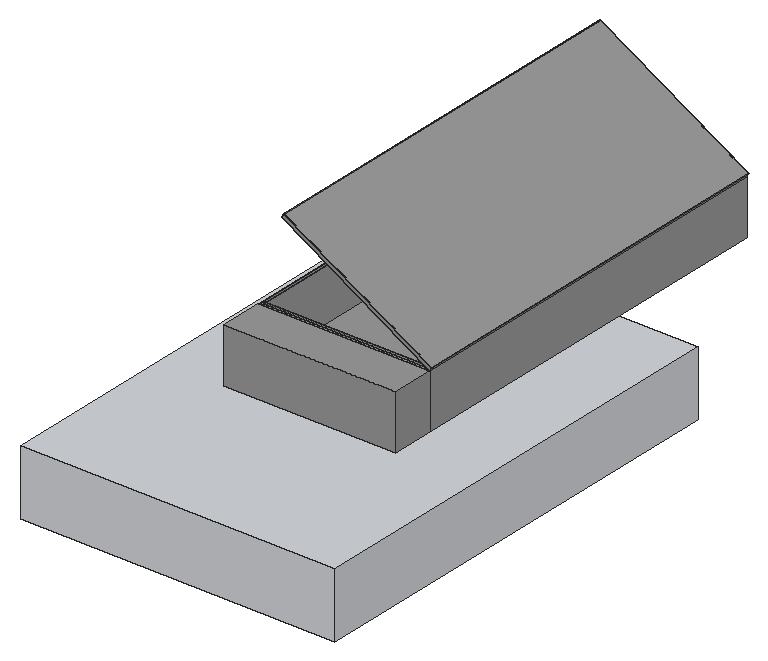
Revit family "Hager-Univers-IP55-D275-H2050-Cl.II-Steel_encl-CH-it", category Equipement électrique, Revit 2020
Family settings
  Hôte = Face
  Configuration du panneau = Deux colonnes, circuits au sein
  Cote de connecteur circulaire = Utiliser le diamètre
  Type d'élément = Tableau de raccordement
  Couper avec des vides une fois chargée = Non
  Partagée = Non
  Point de calcul de pièce = Non
Parameters (values of type "montaggio a pavimento IP55 L800 A2050 P275  - FR23S2")
  Width Control [instance] = if([EF000008 - Larghezza] > Min Width, [EF000008 - Larghezza], Min Width)  # 800 mm
  Commentaires du type = [HG000003 - Gamma]  # "Univers"
  Thickness Door [instance] = if([EF009171 - spessore materiale porta/coperchio] > 3 mm, 3 mm, [EF009171 - spessore materiale porta/coperchio])  # 1.5 mm
  Seal Frame Offset [instance] = 17 mm  # constant formula
  Plinth Visibility [instance] = [HG000027 - Altezza dello zoccolo] > 0 mm  # yes
  Model = ""
  Min Width [instance] = 100 mm  # constant formula
  Min Height [instance] = 100 mm  # constant formula
  Min Depth [instance] = (2 * [EF009170 - spessore materiale scatola]) + 1 mm  # 4 mm
  Internal Frame Depth [instance] = (Door System Depth * 0.5)  # 9 mm
  Height Control [instance] = if([EF000040 - Altezza] > Min Height, [EF000040 - Altezza], Min Height)  # 2050 mm
  HG000027 - Altezza dello zoccolo = 200 mm
  HG000026 - A pavimento = yes
  HG000024 - Altezza della sezione inferiore = 800 mm
  HG000023 - Custodia a doppia sezione = no
  HG000016 - Visibilità delle porte nella vista 3D [instance] = yes
  HG000015 - Visibilità attraverso la porta [instance] = no
  HG000014 - Porta destra [instance] = yes
  HG000013 - Porta sinistra [instance] = not([HG000014 - Porta destra])  # no
  HG000012 - Angolo di apertura della porta [instance] = 30.00°
  HG000010 - Porte asimmetriche = no
  HG000009 - Porta doppia a battente = no
  HG000006 - Ad incasso = no
  HG000004 - Codice produttore = "FR23S2"
  HG000003 - Gamma = "Univers"
  HG000002 - Con porta = yes
  Frame Offset Bottom [instance] = 10 mm  # constant formula
  Frame Offset [instance] = 15 mm  # constant formula
  EF015940 - Coprire con rilascio di sovrapressione = no
  EF011959 - tipo di protezione (NEMA) = ""
  EF009554 - numero delle aperture per la piastra della flangia = 6
  Fabricant = "Hager"  # constant formula
  EF009212 - esecuzione coperchio = "EV000116 - chiuso"
  EF009171 - spessore materiale porta/coperchio = 1.5 mm
  EF009170 - spessore materiale scatola = 1.5 mm
  EF008873 - corrente nominale (In) = 800 A
  EF007800 - adatto per parafulmine = no
  EF006306 - con serratura = no
  EF006244 - coperchio/porta trasparente = no
  EF005474 - grado di protezione (IP) = "EV006420 - IP55"
  EF004464 - tipo di porta = "EV002646 - singolo"
  EF004427 - numero di moduli = 432
  EF004293 - resistenza agli urti = "EV008784 - IK10"
  EF003532 - adatto per uso esterno = no
  EF002950 - Numero moduli DIN = 24
  EF001613 - Integrità del circuito = "EV000494 - senza"
  EF001596 - Attacco Lampada = "EV000179 - acciaio"
  EF001131 - profondità interna = 275 mm
  EF001088 - possibilità di applicazione = yes
  EF000437 - numero di ingressi per conduttori = 6
  EF000339 - tipo di copertura = "EV004216 - porta"
  EF000266 - numero di file = 12
  EF000218 - profondità di incasso = 0 mm
  EF000118 - con piastra di montaggio = no
  EF000116 - numero RAL = "7035"
  EF000049 - profondità = 275 mm
  EF000040 - Altezza = 2050 mm
  EF000008 - Larghezza = 800 mm
  EF000007 - colore = "EV000270 - grigio"
  EF000003 - Tipo di montaggio = "EV012274 - montaggio a pavimento"
  Door System Leaf Tolerance [instance] = 1.5 mm  # constant formula
  Door System Depth [instance] = 18 mm  # constant formula
  Door Height [instance] = Height Control - [HG000027 - Altezza dello zoccolo]  # 1850 mm
  Depth Control [instance] = if([EF000049 - profondità] > Min Depth, [EF000049 - profondità], Min Depth)  # 275 mm
  Default Elevation = 0 mm
  Connector Offset [instance] = Height Control / 2  # 1025 mm
  Bottom Top Plate Trim [instance] = 1.5 mm  # constant formula
  Plinth height Ctrl [instance] = if([HG000027 - Altezza dello zoccolo] > 0 mm, [HG000027 - Altezza dello zoccolo], 12 mm)  # 200 mm
Types (11, lengths in mm): name | Width Control | HG000010 - Porte asimmetriche | HG000009 - Porta doppia a battente | HG000004 - Codice produttore | EF009554 - numero delle aperture per la piastra della flangia | EF006244 - coperchio/porta trasparente | EF004464 - tipo di porta | EF004427 - numero di moduli | EF000437 - numero di ingressi per conduttori | EF000008 - Larghezza
  montaggio a pavimento IP55 L1050 A2050 P275  - FR24L2 | 1050 | yes | yes | "FR24L2" | 8 | yes | "EV003602 - doppio" | 576 | 8 | 1050
  montaggio a pavimento IP55 L1050 A2050 P275  - FR24S2 | 1050 | yes | yes | "FR24S2" | 8 | no | "EV003602 - doppio" | 576 | 8 | 1050
  montaggio a pavimento IP55 L1300 A2050 P275  - FR25L2 | 1300 | yes | yes | "FR25L2" | 10 | yes | "EV003602 - doppio" | 720 | 10 | 1300
  montaggio a pavimento IP55 L1300 A2050 P275  - FR25S2 | 1300 | yes | yes | "FR25S2" | 10 | no | "EV003602 - doppio" | 720 | 10 | 1300
  montaggio a pavimento IP55 L1550 A2050 P275  - FR26L2 | 1550 | yes | yes | "FR26L2" | 12 | yes | "EV003602 - doppio" | 864 | 12 | 1550
  montaggio a pavimento IP55 L1550 A2050 P275  - FR26S2 | 1550 | yes | yes | "FR26S2" | 12 | no | "EV003602 - doppio" | 864 | 12 | 1550
  montaggio a pavimento IP55 L300 A2050 P275  - FR21S2 | 300 | no | no | "FR21S2" | 2 | no | "EV002646 - singolo" | 144 | 2 | 300
  montaggio a pavimento IP55 L550 A2050 P275  - FR22L2 | 550 | no | no | "FR22L2" | 4 | yes | "EV002646 - singolo" | 288 | 4 | 550
  montaggio a pavimento IP55 L550 A2050 P275  - FR22S2 | 550 | no | no | "FR22S2" | 4 | no | "EV002646 - singolo" | 288 | 4 | 550
  montaggio a pavimento IP55 L800 A2050 P275  - FR23L2 | 800 | no | no | "FR23L2" | 6 | yes | "EV002646 - singolo" | 432 | 6 | 800
  montaggio a pavimento IP55 L800 A2050 P275  - FR23S2 | 800 | no | no | "FR23S2" | 6 | no | "EV002646 - singolo" | 432 | 6 | 800
Reference planes
  plane 1 "Center (Front/Back)": y = 0
  plane 2: z = 0
  plane 3 "Center (Left/Right)": x = 0
  plane 4: z = 275
  plane 5: y = 201.5
  plane 6: y = 1125
  plane 7: y = 200
  plane 8: y = 2050
  plane 9: z = 0
  plane 10: x = -385
  plane 11: x = 385
  plane 12: x = 383.5
  plane 13: x = -383.5
  plane 14: y = 2048.5
  plane 15: x = -383
  plane 16: x = -400
  plane 17: x = 383
  plane 18: x = 400
  plane 19: x = 398.5
  plane 20: x = -398.5
  plane 21: y = 211.5
  plane 22: y = 2050
  plane 23: y = 2033.5
  plane 24: z = 257
  plane 25: z = 1.5
  plane 26: z = 255.5
  plane 27: z = 273.5
Forms (mm)
  Extrusion 1, solid
    sketch origin (0, 0, 0) x (1, 0, 0) y (0, 1, 0)
      loop
        line (-702.964, 1305) -> (-702.964, -811.445) -> (766.763, -811.445) -> (766.763, 1305) -> (-702.964, 1305)
    from 0 to -304.8
  Extrusion 2, solid, material "Hager_Steel_RAL7035_Light_Grey", visible <- "Plinth Visibility", detail levels medium+fine
    sketch origin (0, 0, 0) x (1, 0, 0) y (0, 1, 0)
      loop
        line (-400, 0) -> (400, 0) -> (400, 200) -> (-400, 200) -> (-400, 0)
    from 0 to 257
  Extrusion 3, solid, material "Hager_Steel_RAL7035_Light_Grey", detail levels medium+fine
    sketch origin (0, 0, 0) x (1, 0, 0) y (0, 1, 0)
      loop
        line (-400, 200) -> (400, 200) -> (400, 2050) -> (-400, 2050) -> (-400, 200)
    from 0 to 257
  Extrusion 4, void
    sketch origin (0, 0, 0) x (1, 0, 0) y (0, 1, 0)
      loop
        line (-398.5, 201.5) -> (398.5, 201.5) -> (398.5, 2048.5) -> (-398.5, 2048.5) -> (-398.5, 201.5)
    from 1.5 to 255.5
  Extrusion 5, void
    sketch origin (-381.607, -4572, 257) x (0, -1, 0) y (-1, 0, 0)
      loop
        line (-4783.5, 1.893) -> (-6605.5, 1.893) -> (-6605.5, -765.107) -> (-4783.5, -765.107) -> (-4783.5, 1.893)
    from 0 to 1.5 <- "EF009170 - spessore materiale scatola"
  Extrusion 6, solid, material "Hager_Steel_RAL7035_Light_Grey", detail levels fine
    sketch origin (0, 0, 257) x (1, 0, 0) y (0, 1, 0)
      loop
        line (-383.5, 2033.5) -> (-383.5, 211.5) -> (383.5, 211.5) -> (383.5, 2033.5) -> (-383.5, 2033.5)
      loop
        line (-385, 210) -> (385, 210) -> (385, 2035) -> (-385, 2035) -> (-385, 210)
    from 0 to 9 <- "Internal Frame Depth"
  Extrusion 7, solid, material "Hager_Steel_RAL7035_Light_Grey", detail levels coarse
    sketch origin (0, 0, 0) x (1, 0, 0) y (0, 1, 0)
      loop
        line (-400, 0) -> (400, 0) -> (400, 2050) -> (-400, 2050) -> (-400, 0)
    from 0 to 275
  Sweep 8, void
    path in 3D
      loop
        line (-400, 200, 0) -> (400, 200, 0) -> (400, 200, 257) -> (-400, 200, 257) -> (-400, 200, 0)
    profile origin (-400, 200, 128.5) x (-1, 0, 0) y (0, -1, 0)
      loop
        line (0, 0) -> (0, 1.5) -> (-1.5, 1.5)
        arc (-1.5, 1.5) -> (-1.061, 0.439) -> (0, 0) r 1.5
Cuts and joins
  Extrusion 4, Extrusion 5 cuts Extrusion 3
  Sweep 8 cuts Extrusion 2
Lines and regions (mm)
  Masking region 1
    outline origin (0, 0, 0) x (1, 0, 0) y (0, 0, 1)
      loop
        line (-400, 275) -> (-400, 0) -> (400, 0) -> (400, 275) -> (-400, 275)
  Masking region 2, detail levels medium+fine
    outline origin (0, 140, 0) x (0, 1, 0) y (0, 0, 1)
      loop
        line (60, 0) -> (1910, 0) -> (1910, 257) -> (60, 257) -> (60, 0)
  Masking region 3, not visible, detail levels medium+fine
    outline origin (0, 297.922, 0) x (0, 1, 0) y (0, 0, 1)
      loop
        line (838.578, 0) -> (878.578, 0) -> (878.578, 263.5)
        arc (878.578, 263.5) -> (875.649, 270.571) -> (868.578, 273.5) r 10
        line (868.578, 273.5) -> (838.578, 273.5) -> (838.578, 0)
  Masking region 4, detail levels coarse
    outline origin (0, 0, 180) x (0, 1, 0) y (0, 0, 1)
      loop
        line (0, -180) -> (2050, -180) -> (2050, 95) -> (0, 95) -> (0, -180)
  Masking region 5, visible <- "Plinth Visibility", detail levels medium+fine
    outline origin (0, 52.24, 12.345) x (0, 0, -1) y (0, 1, 0)
      loop
        line (10.845, 147.76) -> (-243.155, 147.76)
        arc (-243.155, 147.76) -> (-243.594, 146.699) -> (-244.655, 146.26) r 1.5
        line (-244.655, 146.26) -> (-244.655, -52.24) -> (12.345, -52.24) -> (12.345, 146.26)
        arc (12.345, 146.26) -> (11.285, 146.699) -> (10.845, 147.76) r 1.5
  Masking region 6, detail levels medium+fine
    outline origin (-381.607, -4572, 257) x (-1, 0, 0) y (0, -1, 0)
      loop
        line (18.393, -6622) -> (18.393, -4772) -> (-781.607, -4772) -> (-781.607, -6622) -> (18.393, -6622)
  Masking region 7, visible <- "Plinth Visibility", detail levels medium+fine
    outline origin (-381.607, -4727, 257) x (-1, 0, 0) y (0, -1, 0)
      loop
        arc (16.893, -4927) -> (17.332, -4925.939) -> (18.393, -4925.5) r 1.5
        line (18.393, -4925.5) -> (18.393, -4727) -> (-781.607, -4727) -> (-781.607, -4925.5)
        arc (-781.607, -4925.5) -> (-780.546, -4925.939) -> (-780.107, -4927) r 1.5
        line (-780.107, -4927) -> (16.893, -4927)
  Masking region 8, detail levels coarse
    outline origin (-442.548, -4669.526, 257) x (-1, 0, 0) y (0, -1, 0)
      loop
        line (-42.548, -6719.526) -> (-42.548, -4669.526) -> (-842.548, -4669.526) -> (-842.548, -6719.526) -> (-42.548, -6719.526)
  sketch lines
    curve 1: line (-400, 200, 257) -> (-400, 200, 0)
    curve 2: line (400, 200, 257) -> (-400, 200, 257)
    curve 3: line (400, 200, 257) -> (400, 200, 0)
    curve 4: line (-400, 200, 0) -> (400, 200, 0)
Dimensions and locks
  "Depth Control": plane 4 to Extrusion 1
  "HG000027 - Altezza dello zoccolo": plane 1 "Center (Front/Back)" to plane 7
  "EF009170 - spessore materiale scatola": plane 5 to plane 7
  locked: connector elem to plane 3 "Center (Left/Right)"
  equal spacing: plane 8, plane 6, plane 7
  locked: connector elem to plane 6
  "EF009170 - spessore materiale scatola": plane 8 to plane 14
  "EF009170 - spessore materiale scatola": plane 10 to plane 13
  "EF009170 - spessore materiale scatola": plane 12 to plane 11
  "Frame Offset": plane 20 to plane 13
  "Frame Offset": plane 12 to plane 19
  "EF009170 - spessore materiale scatola": plane 16 to plane 20
  "EF009170 - spessore materiale scatola": plane 19 to plane 18
  "Seal Frame Offset": plane 16 to plane 15
  "Seal Frame Offset": plane 17 to plane 18
  "Frame Offset Bottom": plane 21 to plane 5
  "Frame Offset": plane 14 to plane 23
  equal spacing: plane 16, plane 3 "Center (Left/Right)", plane 18
  "Width Control": plane 16 to plane 18
  "EF009170 - spessore materiale scatola": plane 4 to plane 27
  "EF009170 - spessore materiale scatola": plane 24 to plane 26
  "EF009170 - spessore materiale scatola": plane 25 to level
  "Door System Depth": plane 4 to plane 24
  "Height Control": plane 1 "Center (Front/Back)" to Extrusion 7 sketch curve
  "Height Control": Masking region 4 sketch curve to plane 1 "Center (Front/Back)"
  "Height Control": plane 1 "Center (Front/Back)" to plane 22
  "Bottom Top Plate Trim": profile plane to Sweep 8 sketch curve
  "Bottom Top Plate Trim": Sweep 8 sketch curve to profile plane
  "Plinth height Ctrl": plane 1 "Center (Front/Back)" to Extrusion 2 sketch curve
  "Plinth height Ctrl": Masking region 5 sketch curve to plane 1 "Center (Front/Back)"
  "Plinth height Ctrl": plane 1 "Center (Front/Back)" to Masking region 7 sketch curve
  "Thickness Door": Extrusion 6 sketch curve to Extrusion 6 sketch curve  (x3)
  "Thickness Door": cut or joined group of Extrusion 3, Extrusion 4, Extrusion 5 to Extrusion 6 sketch curve
  radius of Masking region 3 sketch curve = 10 mm
  "Bottom Top Plate Trim": radius of Masking region 5 sketch curve  (x2)
  "Bottom Top Plate Trim": radius of Sweep 8 sketch curve
  "Bottom Top Plate Trim": radius of Masking region 7 sketch curve  (x2)
  aligned and locked: plane 2 to Extrusion 1
  aligned and locked: level to Extrusion 1
  aligned and locked: level to Masking region 1 sketch curve
  aligned and locked: Masking region 1 sketch curve to plane 18
  aligned and locked: Masking region 1 sketch curve to plane 16
  aligned and locked: plane 7 to Masking region 2 sketch curve
  aligned and locked: level to Masking region 3 sketch curve
  aligned and locked: Masking region 3 sketch curve to plane 27
  aligned and locked: level to Masking region 2 sketch curve
  aligned and locked: plane 1 "Center (Front/Back)" to Extrusion 2 sketch curve
  aligned and locked: Extrusion 3 sketch curve to plane 7
  aligned and locked: plane 16 to Extrusion 3 sketch curve
  aligned and locked: plane 18 to Extrusion 3 sketch curve
  aligned and locked: plane 20 to Extrusion 4 sketch curve
  aligned and locked: plane 19 to Extrusion 4 sketch curve
  aligned and locked: Extrusion 4 sketch curve to plane 5
  aligned and locked: Extrusion 4 to plane 25
  aligned and locked: plane 26 to Extrusion 4
  aligned and locked: plane 24 to Extrusion 3
  aligned and locked: Extrusion 5 sketch curve to plane 21
  aligned and locked: Extrusion 5 sketch curve to plane 13
  aligned and locked: Extrusion 5 sketch curve to plane 12
  aligned and locked: plane 18 to Extrusion 7 sketch curve
  aligned and locked: plane 1 "Center (Front/Back)" to Extrusion 7 sketch curve
  aligned and locked: plane 16 to Extrusion 7 sketch curve
  aligned and locked: plane 4 to Extrusion 7
  aligned and locked: Extrusion 7 to level
  aligned and locked: level to Masking region 4 sketch curve
  aligned and locked: Masking region 4 sketch curve to plane 1 "Center (Front/Back)"
  aligned and locked: Masking region 4 sketch curve to plane 4
  aligned and locked: nested 1 to level
  aligned and locked: nested 1 to plane 16
  aligned and locked: plane 8 to Extrusion 3 sketch curve
  aligned and locked: plane 23 to Extrusion 5 sketch curve
  aligned and locked: plane 14 to Extrusion 4 sketch curve
  aligned and locked: Masking region 2 sketch curve to plane 8
  aligned and locked: level to Masking region 5 sketch curve
  aligned and locked: plane 16 to Extrusion 2 sketch curve
  aligned and locked: plane 18 to Extrusion 2 sketch curve
  aligned and locked: Masking region 5 sketch curve to plane 24
  aligned and locked: Masking region 2 sketch curve to plane 24
  aligned and locked: plane 24 to Extrusion 2
  aligned and locked: profile plane to Sweep 8 sketch curve  (x2)
  aligned and locked: Masking region 6 sketch curve to plane 18
  aligned and locked: Masking region 6 sketch curve to plane 22
  aligned and locked: Masking region 6 sketch curve to plane 16
  aligned and locked: plane 8 to plane 22
  aligned and locked: Masking region 6 sketch curve to plane 7
  aligned and locked: Masking region 7 sketch curve to plane 16
  aligned and locked: Masking region 7 sketch curve to plane 1 "Center (Front/Back)"
  aligned and locked: Masking region 7 sketch curve to plane 18
  aligned and locked: Masking region 8 sketch curve to plane 1 "Center (Front/Back)"
  aligned and locked: Masking region 8 sketch curve to plane 18
  aligned and locked: Masking region 8 sketch curve to plane 22
  aligned and locked: Masking region 8 sketch curve to plane 16
  aligned and locked: nested 2 to plane 7
  aligned and locked: plane 3 "Center (Left/Right)" to nested 2
  aligned and locked: nested 2 to plane 24
  aligned and locked: Extrusion 6 sketch curve to cut or joined group of Extrusion 3, Extrusion 4, Extrusion 5  (x4)
Automatic sketch dimensions
  Extrusion 1 sketch curve to Extrusion 1 sketch curve = 1469.727 mm
  Extrusion 1 sketch curve to Extrusion 1 sketch curve = 2116.445 mm
  Masking region 1 sketch curve to plane 4 = 0 mm
  plane 6 to Masking region 3 sketch curve = 11.5 mm
  Masking region 3 sketch curve to Masking region 3 sketch curve = 30 mm
  Masking region 5 sketch curve to plane 1 "Center (Front/Back)" = 0 mm
Nested families
  nested 1: "Hager_Enclosure_Symbol" at (-400, 0, 0) x (1, 0, 0) z (0, -1, 0), Height <- "Depth Control", Width <- "Width Control", type "Hager_Enclosure_Symbol"
    with Width_Ctrl 800 mm, Width 800 mm, Height_Ctrl 275 mm, Height 275 mm, A_Width_Int 18.047 mm, A_Width 216.562 mm, A_Height_Ctrl 240.625 mm, A_Height 240.625 mm
  nested 2: "EC000058_Univers_Door" at (0, 200, 257) x (1, 0, 0) z (0, 1, 0), Leaf_Tolerance <- "Door System Leaf Tolerance", Angle <- "HG000012 - Angolo di apertura della porta", Door_Depth <- "Door System Depth", Door_Left <- "HG000013 - Porta sinistra", Transparent <- "EF006244 - coperchio/porta trasparente", Assymetrical <- "HG000010 - Porte asimmetriche", Width <- "Width Control", Clearance <- "HG000015 - Visibilità attraverso la porta", Double <- "HG000009 - Porta doppia a battente", 3d_Door <- "HG000016 - Visibilità delle porte nella vista 3D", Lock_Visibility <- "EF006306 - con serratura", Width_Ctrl <- "Width Control", Door_Right <- "HG000014 - Porta destra", Door <- "HG000002 - Con porta", Height <- "Door Height", Thickness <- "Thickness Door", type "EC000058_Univers_Door", detail levels medium+fine
    with min_wh 4 mm, Width_Ctrl 800 mm, Width 800 mm, Transparent no, Thickness 1.5 mm, Seal_Material Hager_Rubber, Lock_Visibility no, Lock_Material Hager_Plastic_RAL9005_Jet_Black, Leaf_Width 800 mm, Leaf_Tolerance_External_Sides 0 mm, Leaf_Tolerance 1.5 mm, Leaf_Offset 0 mm, Leaf_Height 1847 mm, Leaf_2_Width 800 mm, Leaf_2_Offset 400 mm, Leaf_1_Width 800 mm, Leaf_1_Offset 400 mm, Height_Ctrl 1850 mm, Height 1850 mm, Glass_Material Hager_Glass, Double_Clearance_Ctrl no, Double no, Door_Right_Ctrl yes, Door_Right yes, Door_Material Hager_Steel_RAL7035_Light_Grey, Door_Left_Ctrl no, Door_Left no, Door_Depth 18 mm, Door yes, Clearance_Material Hager_Clearance, Clearance_Depth 800 mm, Clearance_Ctrl no, Clearance no, Assymetrical no, Angle 30.00°, 3d_Door yes
Connectors
  electrical at (0, 1125, 0)
    settings: on plane 9, index 1, voltage 0 V, apparent load 0 VA, apparent load phase1 0 VA, apparent load phase2 0 VA, apparent load phase3 0 VA, power factor 1, load classification "Other", number of poles 1, system type 30, power factor state 1, is connector primary yes, connector utility no, sub classification motor no, connector description ""
Definition of nested family "EC000058_Univers_Door"
  Parameters (values of type "EC000058_Univers_Door")
    min_wh [instance] = (2 * Thickness) + 1 mm  # 11 mm
    Width_Ctrl [instance] = 400 mm
    Width [instance] = 500 mm
    Transparent [instance] = yes
    Thickness [instance] = 5 mm
    Seal_Material [instance] = none
    Lock_Visibility [instance] = yes
    Lock_Material [instance] = none
    Leaf_Width [instance] = if((Width_Ctrl - 2 * Leaf_Tolerance_External_Sides) > 0 mm, (Width_Ctrl - 2 * Leaf_Tolerance_External_Sides), min_wh)  # 400 mm
    Leaf_Tolerance_External_Sides [instance] = 0 mm  # constant formula
    Leaf_Tolerance [instance] = 1.5 mm
    Leaf_Offset [instance] = 0 mm  # constant formula
    Leaf_Height [instance] = if((Height_Ctrl - 2 * Leaf_Tolerance) > 0 mm, (Height_Ctrl - 2 * Leaf_Tolerance), min_wh)  # 497 mm
    Leaf_2_Width [instance] = if(and(and(Double, Assymetrical), Door_Left), (Leaf_Width / 3) - (Leaf_Tolerance / 2), if(and(and(Double, Assymetrical), Door_Right), (Leaf_Width / 3) * 2 - (Leaf_Tolerance / 2), if(and(Double, not(Assymetrical)), (Leaf_Width / 2) - Leaf_Tolerance, Leaf_Width)))  # 400 mm
    Leaf_2_Offset [instance] = if(and(Double, Assymetrical), Leaf_2_Width / 2, if(and(Double, not(Assymetrical)), Leaf_Width / 4, Leaf_Width / 2))  # 200 mm
    Leaf_1_Width [instance] = if(and(and(Double, Assymetrical), Door_Right), (Leaf_Width / 3) - (Leaf_Tolerance / 2), if(and(and(Double, Assymetrical), Door_Left), (Width / 3) * 2 - (Leaf_Tolerance / 2), if(and(Double, not(Assymetrical)), (Leaf_Width / 2) - Leaf_Tolerance, Leaf_Width)))  # 400 mm
    Leaf_1_Offset [instance] = if(and(Double, Assymetrical), Leaf_1_Width / 2, if(and(Double, not(Assymetrical)), Leaf_Width / 4, Leaf_Width / 2))  # 200 mm
    Height_Ctrl [instance] = if(Height > min_wh, Height, min_wh)  # 500 mm
    Height [instance] = 500 mm
    Glass_Material [instance] = none
    Double_Clearance_Ctrl [instance] = and(Double, Clearance)  # no
    Double [instance] = no
    Door_Right_Ctrl [instance] = and(or(Door_Right, Double), Door)  # yes
    Door_Right [instance] = yes
    Door_Material [instance] = none
    Door_Left_Ctrl [instance] = and(or(Door_Left, Double), Door)  # no
    Door_Left [instance] = no
    Door_Depth [instance] = 30 mm
    Door [instance] = yes
    Default Elevation = 1219.2 mm
    Clearance_Material [instance] = none
    Clearance_Depth [instance] = if(Leaf_1_Width > Leaf_2_Width, Leaf_1_Width, Leaf_2_Width)  # 400 mm
    Clearance_Ctrl [instance] = and(not(Double), Clearance)  # yes
    Clearance [instance] = yes
    Assymetrical [instance] = yes
    Angle [instance] = 30.00°
    3d_Door [instance] = yes
  Reference planes
    plane 1 "Center (Front/Back)": y = 0
    plane 2 "Bottom": z = 0
    plane 3 "Center (Left/Right)": x = 0
    plane 4: z = 500
    plane 5: x = -200
    plane 6: x = 200
    plane 7: z = 500
    plane 8: x = -200
    plane 9: z = 0
    plane 10: x = 200
    plane 11: y = 0
    plane 12: z = 1.5
    plane 13: x = -600
    plane 14: y = -400
    plane 15: x = 600
    plane 16: x = 0
    plane 17: x = 0
    plane 18: x = -200
    plane 19: x = 200
    plane 20: z = 498.5
  Forms (mm)
    Extrusion 1, solid, material <- "Clearance_Material", visible <- "Double_Clearance_Ctrl"
      sketch origin (1200, 0, 0) x (1, 0, 0) y (0, 0, -1)
        loop
          line (-1800, -498.5) -> (-600, -498.5) -> (-600, 0) -> (-1800, 0) -> (-1800, -498.5)
      from 0 to -400
  Dimensions and locks
    equal spacing: plane 5, plane 3 "Center (Left/Right)", plane 6
    "Width_Ctrl": plane 5 to plane 6
    "Leaf_Offset": plane 5 to plane 8
    "Leaf_Offset": plane 6 to plane 10
    "Leaf_Offset": plane 9 to level
    "Leaf_Offset": plane 4 to plane 7
    "Height_Ctrl": plane 4 to level
    "Leaf_Tolerance": plane 12 to plane 9
    locked: plane 11 to plane 1 "Center (Front/Back)"
    "Leaf_1_Offset": plane 18 to plane 16
    "Leaf_2_Offset": plane 17 to plane 19
    "Leaf_1_Width": plane 13 to plane 8
    "Leaf_2_Width": plane 10 to plane 15
    "Clearance_Depth": plane 14 to plane 1 "Center (Front/Back)"
    "Leaf_Tolerance_External_Sides": plane 8 to plane 18
    "Leaf_Tolerance_External_Sides": plane 19 to plane 10
    "Leaf_Tolerance": plane 7 to plane 20
    aligned and locked: level to plane 2 "Bottom"
    aligned and locked: nested 1 to plane 16
    aligned and locked: nested 2 to plane 17
    aligned and locked: Extrusion 1 to plane 13
    aligned and locked: plane 15 to Extrusion 1
    aligned and locked: Extrusion 1 to plane 14
    aligned and locked: plane 12 to nested 1
    aligned and locked: nested 2 to plane 12
    aligned and locked: Extrusion 1 to plane 11
    aligned and locked: plane 20 to Extrusion 1
    aligned and locked: nested 2 to plane 11
    aligned and locked: nested 1 to plane 11
  Automatic sketch dimensions
    Extrusion 1 sketch curve to level = 0 mm
    plane 5 to Extrusion 1 sketch curve = 400 mm
    plane 6 to Extrusion 1 sketch curve = 400 mm
    Extrusion 1 sketch curve to plane 4 = 1.5 mm
  Nested families
    nested 1: "EC000058_Univers_Door_Leaf" at (0, 0, 1.5), Width <- "Leaf_1_Width", visible <- "Door_Left_Ctrl", Leaf_Height <- "Leaf_Height", Angle <- "Angle", 3d_Door <- "3d_Door", Transparent <- "Transparent", Clearance Material <- "Clearance_Material", Clearance <- "Clearance_Ctrl", Door_Material <- "Door_Material", Glass_Material <- "Glass_Material", Door_Depth <- "Door_Depth", Lock_Material <- "Lock_Material", Seal_Material <- "Seal_Material", Lock_Visibility <- "Lock_Visibility", Thickness <- "Thickness", type "EC000058_Univers_Door_Leaf"
      with Width 400 mm, Transparent_Glass_Offset 30 mm, Transparent_Ctrl yes, Transparent yes, Thickness 5 mm, Standard no, Seal_Material none, Seal_D2 8 mm, Seal_D1 1 mm, Offset_Internal_Frame 10 mm, Lock_Width 20 mm, Lock_Visibility_3d yes, Lock_Visibility yes, Lock_Thickness_3 3 mm, Lock_Thickness_2 1 mm, Lock_Thickness_1 3 mm, Lock_Radius_Offset_2 16 mm, Lock_Radius_Offset_1 15 mm, Lock_Radius_2 5 mm, Lock_Radius 6 mm, Lock_Offset 5 mm, Lock_Material none, Lock_Height 80 mm, Lock_Cover_Top_Offset_2d 17 mm, Lock_Cover_Height -65 mm, Leaf_Height 497 mm, Internal_Seal_Thickness 8 mm, Internal_Seal_Depth_2 4.5 mm, Internal_Frame_Depth 25 mm, Glass_Thickness -1 mm, Glass_Offset -2 mm, Glass_Material none, Door_Material none, Door_Depth 30 mm, Clearance Material none, Clearance yes, Angle_Ctrl 30.00°, Angle 30.00°, 3d_Door yes
    nested 2: "EC000058_Univers_Door_Leaf" at (0, 0, 1.5) x (-1, 0, 0) z (0, 0, 1), Width <- "Leaf_2_Width", visible <- "Door_Right_Ctrl", Leaf_Height <- "Leaf_Height", Angle <- "Angle", 3d_Door <- "3d_Door", Transparent <- "Transparent", Clearance Material <- "Clearance_Material", Clearance <- "Clearance_Ctrl", Door_Material <- "Door_Material", Glass_Material <- "Glass_Material", Door_Depth <- "Door_Depth", Lock_Material <- "Lock_Material", Seal_Material <- "Seal_Material", Lock_Visibility <- "Lock_Visibility", Thickness <- "Thickness", type "EC000058_Univers_Door_Leaf"
      with Width 400 mm, Transparent_Glass_Offset 30 mm, Transparent_Ctrl yes, Transparent yes, Thickness 5 mm, Standard no, Seal_Material none, Seal_D2 8 mm, Seal_D1 1 mm, Offset_Internal_Frame 10 mm, Lock_Width 20 mm, Lock_Visibility_3d yes, Lock_Visibility yes, Lock_Thickness_3 3 mm, Lock_Thickness_2 1 mm, Lock_Thickness_1 3 mm, Lock_Radius_Offset_2 16 mm, Lock_Radius_Offset_1 15 mm, Lock_Radius_2 5 mm, Lock_Radius 6 mm, Lock_Offset 5 mm, Lock_Material none, Lock_Height 80 mm, Lock_Cover_Top_Offset_2d 17 mm, Lock_Cover_Height -65 mm, Leaf_Height 497 mm, Internal_Seal_Thickness 8 mm, Internal_Seal_Depth_2 4.5 mm, Internal_Frame_Depth 25 mm, Glass_Thickness -1 mm, Glass_Offset -2 mm, Glass_Material none, Door_Material none, Door_Depth 30 mm, Clearance Material none, Clearance yes, Angle_Ctrl 30.00°, Angle 30.00°, 3d_Door yes
  Definition of nested family "EC000058_Univers_Door_Leaf"
    Parameters (values of type "EC000058_Univers_Door_Leaf")
      Width [instance] = 2000 mm
      Transparent_Glass_Offset [instance] = 30 mm
      Transparent_Ctrl [instance] = and(Transparent, [3d_Door])  # yes
      Transparent [instance] = yes
      Thickness [instance] = 5 mm
      Standard [instance] = and(not(Transparent), [3d_Door])  # no
      Seal_Material [instance] = none
      Seal_D2 [instance] = 8 mm  # constant formula
      Seal_D1 [instance] = 1 mm  # constant formula
      Offset_Internal_Frame [instance] = 10 mm  # constant formula
      Lock_Width [instance] = 20 mm  # constant formula
      Lock_Visibility_3d [instance] = and(Lock_Visibility, [3d_Door])  # yes
      Lock_Visibility [instance] = yes
      Lock_Thickness_3 [instance] = 3 mm  # constant formula
      Lock_Thickness_2 [instance] = 1 mm  # constant formula
      Lock_Thickness_1 [instance] = 3 mm  # constant formula
      Lock_Radius_Offset_2 [instance] = Lock_Radius_Offset_1 + 1 mm  # 16 mm
      Lock_Radius_Offset_1 [instance] = 15 mm  # constant formula
      Lock_Radius_2 [instance] = Lock_Radius - 1 mm  # 5 mm
      Lock_Radius [instance] = 6 mm  # constant formula
      Lock_Offset [instance] = 5 mm  # constant formula
      Lock_Material [instance] = none
      Lock_Height [instance] = 80 mm  # constant formula
      Lock_Cover_Top_Offset_2d [instance] = Lock_Radius_Offset_2 + 1 mm  # 17 mm
      Lock_Cover_Height [instance] = -(Lock_Height - Lock_Radius_Offset_1)  # -65 mm
      Leaf_Height [instance] = 2720.336 mm
      Internal_Seal_Thickness [instance] = 8 mm  # constant formula
      Internal_Seal_Depth_2 [instance] = 4.5 mm  # constant formula
      Internal_Frame_Depth [instance] = if(Door_Depth - Thickness > 5 mm, Door_Depth - Thickness, 5 mm)  # 25 mm
      Glass_Thickness [instance] = if(Thickness > 15 mm, Glass_Offset + 10 mm, -1 mm)  # -1 mm
      Glass_Offset [instance] = if(Thickness > 15 mm, -(Thickness + 10 mm) / 2, -2 mm)  # -2 mm
      Glass_Material [instance] = none
      Door_Material [instance] = none
      Door_Depth [instance] = 30 mm
      Default Elevation = 0 mm
      Clearance Material [instance] = none
      Clearance [instance] = yes
      Angle_Ctrl [instance] = if(Angle > 180.00°, 180.00°, Angle)  # 90.00°
      Angle [instance] = 90.00°
      3d_Door [instance] = yes
    Reference planes
      plane 1 "Center (Front/Back)": y = 0
      plane 2: z = 0
      plane 3 "Center (Left/Right)": x = 0
      plane 4: y = 2000
      plane 5: x = -1000
      plane 6: x = 1000
      plane 7: x = -3000
      plane 8: z = 2720.336
      plane 9: z = 30
      plane 10: z = 2690.336
      plane 11: x = 970
      plane 12: x = -970
      plane 13: y = -3
      plane 14: z = 107.833
      plane 15: y = -5
      plane 16: y = -223.314
      plane 17: x = -1000
      plane 18: z = 1360.168
      plane 19: y = 30
    Forms (mm)
      Extrusion 1, solid, material <- "Clearance Material", visible <- "Clearance"
        sketch origin (0, 0, 0) x (1, 0, 0) y (0, 0, 1)
          loop
            line (-3000, 2720.336) -> (-3000, 0) -> (1000, 0) -> (1000, 2720.336) -> (-3000, 2720.336)
        from 0 to -2000
      Extrusion 2, solid, material <- "Door_Material", visible <- "Standard", detail levels medium+fine
        sketch origin (-1000, 0, 0) x (0, 1, 0) y (-1, 0, 0)
          loop
            line (0, 30) -> (0, 25) -> (2000, 25) -> (2000, 30) -> (0, 30)
        from 0 to 2720.336 <- "Leaf_Height"
      Extrusion 3, solid, material <- "Door_Material", visible <- "Transparent_Ctrl", detail levels medium+fine
        sketch origin (-1000, 0, 0) x (0, 1, 0) y (-1, 0, 0)
          loop
            line (0, 25) -> (2000, 25) -> (2000, 30) -> (0, 30) -> (0, 25)
        from 0 to 2720.336 <- "Leaf_Height"
      Extrusion 4, void
        sketch origin (-1025, 2000, 0) x (0, 1, 0) y (0, 0, -1)
          loop
            line (-30, -2690.336) -> (-30, -30) -> (-1970, -30) -> (-1970, -2690.336) -> (-30, -2690.336)
        from 0 to 5 <- "Thickness"
      Sweep 5, solid, material <- "Seal_Material", visible <- "Transparent_Ctrl", detail levels fine
        path in 3D
          loop
            line (-1025, 30, 30) -> (-1025, 30, 2690.336) -> (-1025, 1970, 2690.336) -> (-1025, 1970, 30) -> (-1025, 30, 30)
        profile origin (-1025, 1000, 30) x (1, 0, 0) y (0, 0, 1)
          loop
            line (0, 0) -> (0, -8) -> (1, -8) -> (1, 0) -> (0, 0)
      Extrusion 6, solid, material <- "Glass_Material", visible <- "Transparent_Ctrl", detail levels medium+fine
        sketch origin (-1030, 0, 0) x (0, 1, 0) y (0, 0, -1)
          loop
            line (1970, -2690.336) -> (1970, -30) -> (30, -30) -> (30, -2690.336) -> (1970, -2690.336)
        from -2 <- "Glass_Offset" to -1 <- "Glass_Thickness"
      Extrusion 7, solid, material <- "Door_Material", visible <- "3d_Door", detail levels medium+fine
        sketch origin (-1025, 2000, 0) x (0, -1, 0) y (0, 0, -1)
          loop
            line (0, -2720.336) -> (2000, -2720.336) -> (2000, 0) -> (0, 0) -> (0, -2720.336)
          loop
            line (1995, -5) -> (5, -5) -> (5, -2715.336) -> (1995, -2715.336) -> (1995, -5)
        from 0 to 25 <- "Internal_Frame_Depth"
      Sweep 8, solid, material <- "Seal_Material", visible <- "Transparent_Ctrl", detail levels fine
        path in 3D
          loop
            line (-1025, 0, 0) -> (-1025, 2000, 0) -> (-1025, 2000, 2720.336) -> (-1025, 0, 2720.336) -> (-1025, 0, 0)
        profile origin (-1025, 0, 1360.168) x (1, 0, 0) y (0, 1, 0)
          loop
            line (0, 10) -> (2.975, 10)
            arc (2.975, 10) -> (4.053, 10.447) -> (4.5, 11.525) r 1.525
            line (4.5, 11.525) -> (4.5, 16.527)
            arc (4.5, 16.527) -> (4.069, 17.569) -> (3.027, 18) r 1.473
            line (3.027, 18) -> (0, 18) -> (0, 10)
      Extrusion 9, solid, material <- "Lock_Material", visible <- "Lock_Visibility_3d", detail levels fine
        sketch origin (-1030, 0, 0) x (0, 1, 0) y (0, 0, -1)
          loop
            arc (1993.5, -1400.168) -> (1994.561, -1399.729) -> (1995, -1398.668) r 1.5
            line (1995, -1398.668) -> (1995, -1320.168) -> (1975, -1320.168) -> (1975, -1398.668)
            arc (1975, -1398.668) -> (1975.439, -1399.729) -> (1976.5, -1400.168) r 1.5
            line (1976.5, -1400.168) -> (1993.5, -1400.168)
        from 3 <- "Lock_Thickness_1" to 0
      Blend 10, solid, material <- "Lock_Material", visible <- "Lock_Visibility_3d", detail levels fine
        base sketch origin (-1033, 0, 0) x (0, 1, 0) y (0, 0, -1)
          loop
            line (1975, -1320.168) -> (1975, -1398.668)
            arc (1975, -1398.668) -> (1975.439, -1399.729) -> (1976.5, -1400.168) r 1.5
            line (1976.5, -1400.168) -> (1993.5, -1400.168)
            arc (1993.5, -1400.168) -> (1994.561, -1399.729) -> (1995, -1398.668) r 1.5
            line (1995, -1398.668) -> (1995, -1320.168) -> (1975, -1320.168)
        top sketch origin (-1033, 0, 0) x (0, 1, 0) y (0, 0, -1)
          loop
            line (1976, -1320.168) -> (1976, -1398.668)
            arc (1976, -1398.668) -> (1976.146, -1399.022) -> (1976.5, -1399.168) r 0.5
            line (1976.5, -1399.168) -> (1993.5, -1399.168)
            arc (1993.5, -1399.168) -> (1993.854, -1399.022) -> (1994, -1398.668) r 0.5
            line (1994, -1398.668) -> (1994, -1320.168) -> (1976, -1320.168)
        from 0 to 1 <- "Lock_Thickness_2"
      Blend 11, solid, material <- "Lock_Material", visible <- "Lock_Visibility_3d", detail levels fine
        base sketch origin (-1034, 0, 0) x (0, 1, 0) y (0, 0, -1)
          loop
            line (1978, -1320.168) -> (1978, -1384.168)
            arc (1978, -1384.168) -> (1985, -1391.168) -> (1992, -1384.168) r 7
            line (1992, -1384.168) -> (1992, -1320.168) -> (1978, -1320.168)
        top sketch origin (-1034, 0, 0) x (0, 1, 0) y (0, 0, -1)
          loop
            line (1991, -1320.168) -> (1979, -1320.168) -> (1979, -1383.168)
            arc (1979, -1383.168) -> (1985, -1389.168) -> (1991, -1383.168) r 6
            line (1991, -1383.168) -> (1991, -1320.168)
        from 0 to 3 <- "Lock_Thickness_3"
      Extrusion 12, solid, material <- "Lock_Material", visible <- "Lock_Visibility_3d", detail levels fine
        sketch origin (-1030, 1975, 1320.168) x (1, 0, 0) y (0, -1, 0)
          loop
            line (-7, -19) -> (-7, -1) -> (0, -1) -> (0, 0) -> (-8, 0) -> (-8, -20) -> (0, -20) -> (0, -19) -> (-7, -19)
        from 0 to -65 <- "Lock_Cover_Height"
      Extrusion 13, void
        sketch origin (-1038, 1995, 1320.168) x (-1, 0, 0) y (0, 0, -1)
          loop
            line (-5, -65) -> (0, -65) -> (-5, -60) -> (-5, -65)
        from 0 to 20 <- "Lock_Width"
      Extrusion 14, void
        sketch origin (-1038, 1975, 1320.168) x (0, -1, 0) y (0, 0, -1)
          loop
            circle (-10, -15.995) r 6
          loop
            circle (-10, -15.995) r 5
        from 0 to 2
      Extrusion 15, solid, material <- "Lock_Material", visible <- "Lock_Visibility_3d", detail levels medium
        sketch origin (-1030, 0, 0) x (0, 1, 0) y (0, 0, -1)
          loop
            arc (1993.5, -1400.168) -> (1994.561, -1399.729) -> (1995, -1398.668) r 1.5
            line (1995, -1398.668) -> (1995, -1320.168) -> (1975, -1320.168) -> (1975, -1398.668)
            arc (1975, -1398.668) -> (1975.439, -1399.729) -> (1976.5, -1400.168) r 1.5
            line (1976.5, -1400.168) -> (1993.5, -1400.168)
        from 8 to 0
    Cuts and joins
      Extrusion 4 cuts Extrusion 3
      Extrusion 13, Extrusion 14 cuts Extrusion 9
      Extrusion 14 cuts Blend 11
      Extrusion 13, Extrusion 14 cuts Extrusion 12
      joined: Extrusion 9, Blend 10, Blend 11, Extrusion 12
      Extrusion 14 cuts Extrusion 15
    Lines and regions (mm)
      Masking region 1, visible <- "Lock_Visibility", detail levels fine
        outline origin (0, 0, 0) x (0, 1, 0) y (0, 0, 1)
          loop
            line (30, 1320.168) -> (33, 1320.168) -> (33, 1400.168) -> (30, 1400.168) -> (30, 1320.168)
      Masking region 2, visible <- "Lock_Visibility", detail levels fine
        outline origin (0, 3.143, 0) x (0, 1, 0) y (0, 0, 1)
          loop
            line (29.857, 1354.168) -> (30.857, 1354.168) -> (30.857, 1366.168) -> (29.857, 1366.168) -> (29.857, 1354.168)
      Masking region 3, detail levels medium+fine
        outline origin (0, 0, 0) x (0, 1, 0) y (0, 0, 1)
          loop
            line (0, 0) -> (30, 0) -> (30, 2720.336) -> (0, 2720.336) -> (0, 0)
      Masking region 4, detail levels medium+fine
        outline origin (0, 0, 0) x (1, 0, 0) y (0, 0, 1)
          loop
            line (-1000, 2720.336) -> (-1000, 0) -> (1000, 0) -> (1000, 2720.336) -> (-1000, 2720.336)
      Masking region 5, visible <- "Lock_Visibility", detail levels fine
        outline origin (-47.116, 0, 0) x (1, 0, 0) y (0, 0, 1)
          loop
            arc (1024.616, 1399.168) -> (1023.556, 1398.729) -> (1023.116, 1397.668) r 1.5
            line (1023.116, 1397.668) -> (1023.116, 1320.168) -> (1041.116, 1320.168) -> (1041.116, 1397.668)
            arc (1041.116, 1397.668) -> (1040.677, 1398.729) -> (1039.616, 1399.168) r 1.5
            line (1039.616, 1399.168) -> (1024.616, 1399.168)
      Masking region 6, visible <- "Lock_Visibility", detail levels medium+fine
        outline origin (-25, 0, 0) x (1, 0, 0) y (0, 0, 1)
          loop
            arc (1001.5, 1400.168) -> (1000.439, 1399.729) -> (1000, 1398.668) r 1.5
            line (1000, 1398.668) -> (1000, 1320.168) -> (1020, 1320.168) -> (1020, 1398.668)
            arc (1020, 1398.668) -> (1019.561, 1399.729) -> (1018.5, 1400.168) r 1.5
            line (1018.5, 1400.168) -> (1001.5, 1400.168)
      Masking region 7, visible <- "Lock_Visibility", detail levels fine
        outline origin (-73.735, 0, 0) x (1, 0, 0) y (0, 0, 1)
          loop
            line (1051.735, 1382.168) -> (1065.735, 1382.168) -> (1065.735, 1384.168)
            arc (1065.735, 1384.168) -> (1058.735, 1391.168) -> (1051.735, 1384.168) r 7
            line (1051.735, 1384.168) -> (1051.735, 1382.168)
      Masking region 8, visible <- "Lock_Visibility", detail levels fine
        outline origin (-73.735, 0, 0) x (1, 0, 0) y (0, 0, 1)
          loop
            line (1052.735, 1382.168) -> (1064.735, 1382.168) -> (1064.735, 1383.168)
            arc (1064.735, 1383.168) -> (1058.735, 1389.168) -> (1052.735, 1383.168) r 6
            line (1052.735, 1383.168) -> (1052.735, 1382.168)
      Masking region 9, visible <- "Lock_Visibility", detail levels fine
        outline origin (-25, 0, 0) x (1, 0, 0) y (0, 0, 1)
          loop
            line (1020, 1320.168) -> (1020, 1382.168) -> (1000, 1382.168) -> (1000, 1320.168) -> (1020, 1320.168)
      Masking region 10, detail levels medium+fine
        outline origin (0, 0, 0) x (1, 0, 0) y (0, 0, 1)
          loop
            circle (985, 1335.144) r 6
      Masking region 11, detail levels fine
        outline origin (0, 0, 0) x (1, 0, 0) y (0, 0, 1)
          loop
            circle (985, 1335.144) r 5
      Masking region 12, visible <- "Lock_Visibility", detail levels fine
        outline origin (0, 12.767, 0) x (0, 1, 0) y (0, 0, 1)
          loop
            line (20.233, 1320.168) -> (21.233, 1320.168) -> (21.233, 1399.168) -> (20.233, 1400.168) -> (20.233, 1320.168)
      Masking region 13, visible <- "Lock_Visibility", detail levels fine
        outline origin (0, 13.767, -10) x (0, 1, 0) y (0, 0, 1)
          loop
            line (20.233, 1330.168) -> (23.233, 1330.168) -> (23.233, 1399.168) -> (20.233, 1402.168) -> (20.233, 1330.168)
      Masking region 14, visible <- "Lock_Visibility", detail levels fine
        outline origin (0, 12.767, -10) x (0, 1, 0) y (0, 0, 1)
          loop
            line (20.233, 1330.168) -> (25.233, 1330.168) -> (25.233, 1399.305) -> (20.233, 1394.305) -> (20.233, 1330.168)
      Masking region 15, visible <- "Lock_Visibility", detail levels medium
        outline origin (0, 0, 0) x (0, 1, 0) y (0, 0, 1)
          loop
            line (30, 1320.168) -> (38, 1320.168) -> (38, 1400.168) -> (30, 1400.168) -> (30, 1320.168)
      Masking region 16, visible <- "Lock_Visibility", detail levels fine
        outline origin (-1000, 0, 0) x (0, 1, 0) y (-1, 0, 0)
          loop
            line (1975, 30) -> (1995, 30) -> (1995, 38) -> (1975, 38) -> (1975, 30)
          loop
            line (1979, 37) -> (1976, 37) -> (1976, 34) -> (1978, 34) -> (1979, 37)
          loop
            line (1994, 37) -> (1991, 37) -> (1992, 34) -> (1994, 34) -> (1994, 37)
      Masking region 17, visible <- "Lock_Visibility", detail levels medium
        outline origin (-1000, 0, 0) x (0, 1, 0) y (-1, 0, 0)
          loop
            line (1975, 30) -> (1995, 30) -> (1995, 38) -> (1975, 38) -> (1975, 30)
      symbolic lines
        curve 1: line (1000, 0, 0) -> (-3000, 0, 0)
        curve 2: arc (1000, 0, 0) -> (-1000, 2000, 0) -> (-3000, 0, 0) r 2000
        curve 4: line (-1030, 0, 0) -> (-1030, 2000, 0)
      reference lines
        curve 3: line (-1000, 0, 0) -> (-1000, 2000, 0)
      symbolic lines, detail levels medium+fine
        curve 5: line (-1030, 2000, 0) -> (-1025, 2000, 0)
        curve 7: line (-1025, 0, 0) -> (-1030, 0, 0)
        curve 8: line (-1025, 0, 0) -> (-1000, 0, 0)
        curve 9: line (-1000, 0, 0) -> (-1000, 2000, 0)
        curve 10: line (-1000, 2000, 0) -> (-1025, 2000, 0)
      symbolic lines, detail levels fine
        curve 6: line (-1025, 2000, 0) -> (-1025, 0, 0)
      sketch lines
        curve 11: line (-1025, 0, 2720.336) -> (-1025, 0, 0)
        curve 12: line (-1025, 2000, 0) -> (-1025, 0, 0)
        curve 13: line (-1025, 2000, 2720.336) -> (-1025, 2000, 0)
        curve 14: line (-1025, 0, 2720.336) -> (-1025, 2000, 2720.336)
        curve 15: line (-1025, 1970, 30) -> (-1025, 30, 30)
        curve 16: line (-1025, 30, 30) -> (-1025, 30, 2690.336)
        curve 17: line (-1025, 1970, 2690.336) -> (-1025, 1970, 30)
        curve 18: line (-1025, 30, 2690.336) -> (-1025, 1970, 2690.336)
      symbolic lines, visible <- "Transparent", detail levels medium+fine
        curve 19: line (-970, 0, 2690.336) -> (970, 0, 2690.336)
        curve 20: line (-970, 0, 30) -> (-970, 0, 2690.336)
        curve 21: line (970, 0, 30) -> (-970, 0, 30)
        curve 22: line (970, 0, 2690.336) -> (970, 0, 30)
    Dimensions and locks
      "Width": plane 1 "Center (Front/Back)" to plane 4
      equal spacing: plane 5, plane 3 "Center (Left/Right)", plane 6
      "Width": plane 5 to plane 6
      "Width": plane 7 to plane 5
      "Leaf_Height": plane 8 to level
      "Width": curve 5 to curve 3
      "Width": curve 3 to curve 3
      plane 8 to plane 10 = 30 mm
      plane 9 to level = 30 mm
      plane 12 to plane 5 = 30 mm
      plane 6 to plane 11 = 30 mm
      Extrusion 1 to Extrusion 4 sketch curve = 30 mm
      "Transparent_Glass_Offset": curve 3 to Extrusion 4 sketch curve
      "Transparent_Glass_Offset": Extrusion 4 sketch curve to cut or joined group of Extrusion 3, Extrusion 4  (x2)
      cut or joined group of Extrusion 3, Extrusion 4 to Extrusion 6 sketch curve = 30 mm
      "Transparent_Glass_Offset": cut or joined group of Extrusion 3, Extrusion 4 to Extrusion 4 sketch curve
      "Thickness": curve 6 to curve 4
      "Thickness": Extrusion 7 sketch curve to Extrusion 7 sketch curve  (x4)
      "Door_Depth": curve 4 to curve 3
      "Offset_Internal_Frame": profile plane to Sweep 8 sketch curve
      "Internal_Seal_Thickness": Sweep 8 sketch curve to Sweep 8 sketch curve
      "Internal_Seal_Depth_2": profile plane to Sweep 8 sketch curve
      "Seal_D1": profile plane to Sweep 5 sketch curve
      "Seal_D2": profile plane to Sweep 5 sketch curve
      "Thickness": Extrusion 2 sketch curve to Extrusion 2 sketch curve
      equal spacing: Extrusion 9 sketch curve, plane 18, Extrusion 9 sketch curve  (x2)
      equal spacing: Masking region 1 sketch curve, plane 18, Masking region 1 sketch curve
      "Lock_Height": Masking region 1 sketch curve to Masking region 1 sketch curve
      "Lock_Radius": Masking region 2 sketch curve to plane 18 to Masking region 2 sketch curve
      Masking region 2 sketch curve to Masking region 1 = 1 mm
      "Door_Depth": plane 19 to plane 1 "Center (Front/Back)"
      "Lock_Thickness_1": Masking region 1 sketch curve to plane 19
      "Lock_Width": Extrusion 9 sketch curve to Extrusion 9 sketch curve
      "Lock_Height": Extrusion 9 sketch curve to Extrusion 9 sketch curve
      "Lock_Offset": cut or joined group of Extrusion 3, Extrusion 4 to Extrusion 9 sketch curve
      equal spacing: plane 8, plane 18, level
      "Lock_Radius_Offset_1": Blend 11 sketch curve to Blend 10
      locked: Blend 10 to Blend 11 sketch curve at 2  (x2)
      locked: var sketch to Blend 11 sketch curve at 1  (x2)
      "Lock_Radius_Offset_2": Blend 11 sketch curve to Blend 10
      locked: Extrusion 12 sketch curve to Extrusion 12 sketch curve at 1  (x3)
      Masking region 6 sketch curve to Masking region 6 sketch curve = 80 mm
      "Lock_Height": Masking region 6 sketch curve to Masking region 6 sketch curve
      "Lock_Width": Masking region 6 sketch curve to Masking region 6 sketch curve
      locked: Masking region 6 to Masking region 5 sketch curve at 1  (x3)
      locked: Masking region 5 to Masking region 7 sketch curve at 2  (x2)
      "Lock_Radius_Offset_1": Masking region 5 to Masking region 7 sketch curve
      "Lock_Radius_Offset_2": Masking region 5 to Masking region 8 sketch curve
      locked: Masking region 7 to Masking region 8 sketch curve at 1  (x2)
      "Lock_Cover_Top_Offset_2d": Masking region 5 to Masking region 9 sketch curve
      equal spacing: Masking region 9, Masking region 10 sketch curve, Masking region 9
      equal spacing: Masking region 9, Masking region 11 sketch curve, Masking region 9
      Extrusion 15 sketch curve to Extrusion 15 sketch curve = 80 mm
      "Lock_Width": Extrusion 15 sketch curve to Extrusion 15 sketch curve
      "Lock_Height": Extrusion 15 sketch curve to Extrusion 15 sketch curve
      equal spacing: Extrusion 15 sketch curve, plane 18, Extrusion 15 sketch curve
      "Lock_Thickness_3": Masking region 13 sketch curve to Masking region 13 sketch curve
      "Lock_Height": Masking region 12 sketch curve to Masking region 12 sketch curve
      locked: Masking region 13 sketch curve to Masking region 1 at 8
      locked: Masking region 14 sketch curve to Masking region 13 at 1
      locked: Masking region 14 sketch curve to Masking region 1 at 10.863
      "Lock_Height": Masking region 15 sketch curve to Masking region 15 sketch curve
      "Lock_Offset": Extrusion 15 sketch curve to cut or joined group of Extrusion 3, Extrusion 4
      "Lock_Offset": plane 6 to Masking region 6 sketch curve
      radius of Sweep 8 sketch curve = 1.525 mm
      radius of Sweep 8 sketch curve = 1.473 mm
      radius of Extrusion 9 sketch curve = 1.5 mm  (x2)
      "Lock_Radius": radius of Extrusion 14 sketch curve
      "Lock_Radius_2": radius of Extrusion 14 sketch curve
      "Lock_Radius": radius of Masking region 10 sketch curve
      "Lock_Radius_2": radius of Masking region 11 sketch curve
      radius of Extrusion 15 sketch curve = 1.5 mm  (x2)
      "Angle_Ctrl": angle plane 1 "Center (Front/Back)" to curve 3
      locked: Masking region 12 sketch curve to Masking region 12 sketch curve (angle 45.00°)
      locked: Masking region 13 sketch curve to Masking region 13 sketch curve (angle 45.00°)
      locked: Masking region 14 sketch curve to Masking region 14 sketch curve (angle 45.00°)
      aligned and locked: level to plane 2
      aligned and locked: Extrusion 1 to curve 1
      aligned and locked: plane 6 to Extrusion 1
      aligned and locked: Extrusion 1 to plane 1 "Center (Front/Back)"
      aligned and locked: plane 4 to Extrusion 1
      aligned and locked: plane 8 to Extrusion 1
      aligned and locked: curve 7 to Extrusion 2 sketch curve
      aligned and locked: curve 5 to Extrusion 2 sketch curve
      aligned and locked: curve 7 to Extrusion 3 sketch curve
      aligned and locked: Extrusion 3 sketch curve to curve 4
      aligned and locked: Extrusion 3 sketch curve to curve 6
      aligned and locked: Extrusion 3 sketch curve to curve 5
      aligned and locked: curve 9 to curve 3
      aligned and locked: Extrusion 7 sketch curve to cut or joined group of Extrusion 3, Extrusion 4  (x4)
      aligned and locked: plane 17 to curve 3
      aligned and locked: plane 1 "Center (Front/Back)" to curve 3
      aligned and locked: plane 17 to plane 5
      aligned and locked: Sweep 8 sketch curve to profile plane
      aligned and locked: Sweep 5 sketch curve to profile plane  (x2)
      aligned and locked: Masking region 1 to Masking region 2 sketch curve
      aligned and locked: plane 19 to Masking region 1 sketch curve
      aligned and locked: plane 1 "Center (Front/Back)" to Masking region 3 sketch curve
      aligned and locked: plane 19 to Masking region 3 sketch curve
      aligned and locked: level to Masking region 3 sketch curve
      aligned and locked: Masking region 3 sketch curve to plane 8
      aligned and locked: plane 17 to Masking region 4 sketch curve
      aligned and locked: level to Masking region 4 sketch curve
      aligned and locked: Masking region 4 sketch curve to plane 8
      aligned and locked: plane 12 to curve 20
      aligned and locked: plane 10 to curve 19
      aligned and locked: plane 11 to curve 22
      aligned and locked: curve 21 to plane 9
      aligned and locked: Extrusion 2 sketch curve to cut or joined group of Extrusion 3, Extrusion 4
      aligned and locked: Blend 10 sketch curve to Extrusion 9  (x4)
      aligned and locked: Extrusion 9 to Blend 10 sketch curve
      aligned and locked: Blend 10 to Blend 11 sketch curve
      aligned and locked: Extrusion 12 sketch curve to Blend 11
      aligned and locked: Extrusion 12 sketch curve to Extrusion 9  (x4)
      aligned and locked: Masking region 5 sketch curve to Masking region 6
      aligned and locked: Masking region 9 sketch curve to Masking region 6  (x3)
      aligned and locked: Masking region 12 sketch curve to Masking region 1
      aligned and locked: Masking region 13 sketch curve to Masking region 1
      aligned and locked: Masking region 12 to Masking region 14
      aligned and locked: Masking region 14 sketch curve to Masking region 1
      aligned and locked: Masking region 15 sketch curve to Masking region 14
      aligned and locked: Masking region 13 sketch curve to Masking region 12
      aligned and locked: Masking region 16 sketch curve to cut or joined group of Extrusion 14, Extrusion 15  (x4)
      aligned and locked: Masking region 16 sketch curve to cut or joined group of Extrusion 9, Blend 10, Blend 11, Extrusion 12, Extrusion 13, Extrusion 14  (x6)
      aligned and locked: cut or joined group of Extrusion 9, Blend 10, Blend 11, Extrusion 12, Extrusion 13, Extrusion 14 to Masking region 16 sketch curve
      aligned and locked: Masking region 17 sketch curve to cut or joined group of Extrusion 14, Extrusion 15  (x3)
      aligned and locked: Masking region 17 sketch curve to cut or joined group of Extrusion 9, Blend 10, Blend 11, Extrusion 12, Extrusion 13, Extrusion 14
      aligned and locked: Masking region 9 to Masking region 8 sketch curve
      aligned and locked: Masking region 9 to Masking region 7 sketch curve
    Automatic sketch dimensions
      plane 1 "Center (Front/Back)" to curve 2 = 0 mm
      curve 2 to plane 5 = 0 mm
      Extrusion 1 sketch curve to level = 0 mm
      Extrusion 1 sketch curve to plane 7 = 0 mm
      Extrusion 1 sketch curve to plane 6 = 0 mm
      Extrusion 1 sketch curve to plane 8 = 0 mm
      Extrusion 3 to Extrusion 6 sketch curve = 30 mm  (x4)
      Masking region 4 sketch curve to plane 6 = 0 mm
      Blend 10 sketch curve to Extrusion 9 = 1.5 mm
      Blend 10 sketch curve to Extrusion 9 = 1 mm
      Extrusion 13 sketch curve to Extrusion 12 = 0 mm  (x2)
      Extrusion 12 to Extrusion 13 sketch curve = 3 mm
      Extrusion 13 sketch curve to Extrusion 12 = 5 mm
      Extrusion 14 sketch curve to Extrusion 14 sketch curve = 0 mm  (x2)
      Extrusion 14 sketch curve to Extrusion 12 = 10 mm
      Extrusion 14 sketch curve to Extrusion 12 = 15.995 mm
      Masking region 5 sketch curve to Masking region 5 sketch curve = 1.5 mm  (x2)
      Masking region 10 sketch curve to plane 18 = 25.024 mm
      Masking region 11 sketch curve to plane 18 = 25.024 mm
      plane 19 to Masking region 14 sketch curve = 3 mm
      Masking region 16 sketch curve to Masking region 16 sketch curve = 3 mm
      curve 4 to curve 3 = 0 mm
      Blend 10 to Blend 11 sketch curve = 0 mm
      Masking region 6 sketch curve to Masking region 6 sketch curve = 1.5 mm  (x2)
      Masking region 6 sketch curve to plane 18 = 40 mm
      plane 19 to Masking region 12 sketch curve = 3 mm
      Masking region 12 sketch curve to Masking region 12 sketch curve = 1 mm
      Masking region 15 sketch curve to plane 19 = 0 mm
      Masking region 15 sketch curve to plane 18 = 40 mm
      radius of Blend 10 sketch curve to Extrusion 9 = 1 mm
Definition of nested family "Hager_Enclosure_Symbol"
  Parameters (values of type "Hager_Enclosure_Symbol")
    Width_Ctrl [instance] = if(Width > 1 mm, Width, 1 mm)  # 102.27 mm
    Width [instance] = 102.27 mm
    Height_Ctrl [instance] = if(Height > 1 mm, Height, 1 mm)  # 66.5 mm
    A_Width_Int [instance] = if(A_Width / 12 > 2 mm, A_Width / 12, 2 mm)  # 4.364 mm
    A_Width [instance] = if(A_Height_Ctrl * 0.9 > 2 mm, A_Height_Ctrl * 0.9, 2 mm)  # 52.369 mm
    A_Height_Ctrl [instance] = if(A_Height > 2 mm, A_Height, 2 mm)  # 58.188 mm
    Height [instance] = 66.5 mm
    A_Height [instance] = Height - (Height / 8)  # 58.188 mm
  Reference planes
    plane 1 "Centre (avant/arrière)": y = 0
    plane 2: z = 0
    plane 3 "Centre (gauche/droite)": x = 0
    plane 4: x = 52.369
    plane 5: y = 33.042
    plane 6: y = 41.77
    plane 7: y = 66.5
    plane 8: x = 26.184
    plane 9: y = 37.406
    plane 10: x = 102.27
    plane 11: y = 66.5
    plane 12: y = 8.313
  Lines and regions (mm)
    Filled region 1, type "Solid_Black", in view "Niveau de réf."
      outline origin (0, 0, 0) x (1, 0, 0) y (0, 1, 0)
        loop
          line (52.369, 66.5) -> (33.188, 54.536) -> (45.365, 45.006) -> (52.369, 66.5)
    Filled region 2, type "Solid_Black", in view "Niveau de réf."
      outline origin (0, 0, 0) x (1, 0, 0) y (0, 1, 0)
        loop
          line (0, 0) -> (102.27, 0) -> (102.27, 66.5) -> (0, 0)
    detail lines, in view "Niveau de réf."
      curve 1: line (0, 8.313, 0) -> (26.184, 41.77, 0)
      curve 2: line (26.184, 41.77, 0) -> (26.184, 33.042, 0)
      curve 3: line (26.184, 33.042, 0) -> (52.369, 66.5, 0)
  Dimensions and locks
    "A_Width": plane 3 "Centre (gauche/droite)" to plane 4
    equal spacing: plane 3 "Centre (gauche/droite)", plane 8, plane 4
    equal spacing: plane 6, plane 9, plane 5
    equal spacing: curve 3, Filled region 1 sketch curve, Filled region 1 sketch curve
    "Height_Ctrl": plane 1 "Centre (avant/arrière)" to plane 11
    "A_Height_Ctrl": plane 11 to plane 12
    equal spacing: plane 11, plane 9, plane 12
    "A_Width_Int": plane 6 to plane 9
    "Width_Ctrl": plane 3 "Centre (gauche/droite)" to plane 10
    angle Filled region 1 sketch curve to curve 3 = 20.00°
    angle curve 3 to Filled region 1 sketch curve = 20.00°
    locked: curve 3 to Filled region 1 sketch curve (angle 90.00°)
    aligned and locked: plane 10 to Filled region 2
    aligned and locked: plane 11 to Filled region 2 sketch curve
    aligned and locked: plane 10 to Filled region 2 sketch curve
    aligned and locked: plane 3 "Centre (gauche/droite)" to curve 1
    aligned and locked: plane 12 to curve 1
    aligned and locked: plane 7 to plane 11
  Automatic sketch dimensions
    Filled region 1 sketch curve to plane 4 = 0 mm
    Filled region 1 sketch curve to plane 7 = 0 mm
    plane 1 "Centre (avant/arrière)" to Filled region 2 sketch curve = 0 mm
    Filled region 2 sketch curve to plane 3 "Centre (gauche/droite)" = 0 mm
    curve 2 to plane 6 = 0 mm
    curve 2 to plane 8 = 0 mm
    curve 3 to plane 4 = 0 mm
    curve 2 to plane 5 = 0 mm
    curve 3 to plane 7 = 0 mm
